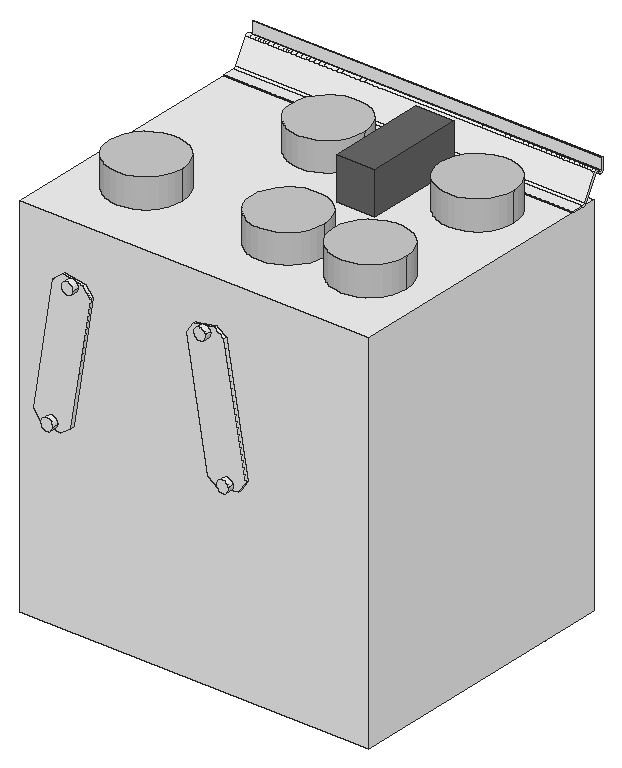
Revit family "BLAUBERG-KOMFORT_Roto_EC_S280_SE280", category Mechanical Equipment, Revit 2019
Family settings
  Round Connector Dimension = Use Diameter
  Classification = None
  Part Type = Normal
  OmniClass Number = 23.75.35.14
  OmniClass Title = Air Handling Units
  Work Plane-Based = No
  Always vertical = Yes
  Cut with Voids When Loaded = No
  Shared = No
  Room Calculation Point = No
Parameters (values of type "KOMFORT Roto EC S280 S21")
  dLFeets = 45 mm
  dBFeets = 68 mm
  Weight = 63.00 kg
  Standard Service Side [instance] = yes
  ServiceDoorB = 20 mm  # constant formula
  Service Side 2 [instance] = Standard Service Side  # yes
  Service Side 1 [instance] = not(Standard Service Side)  # no
  Maintenance Zone Side 2 [instance] = if(Maintenance Zone, (if(not(Standard Service Side), 1 = 1, 1 = 0)), 1 = 0)  # no
  Maintenance Zone Side 1 [instance] = if(Maintenance Zone, (if(Standard Service Side, 1 = 1, 1 = 0)), 1 = 0)  # no
  Heater power = 0 W
  Plastic Material = Polypropylene Black
  Maximum Unit Power Without Electric Heater = 195 W
  Maximum Unit Current Without Electric Heater = 1.9 A
  Maximum Unit Current With Electric Heater = 1.9 A
  Leveling Feets Height Calc [instance] = if(Leveling Feets Height < 23 mm, 23 mm, Leveling Feets Height)  # 23 mm
  Leveling Feets Height [instance] = 23 mm
  L5 = 256 mm
  L4 = 107 mm
  L3 = 141 mm
  L2 = 243 mm
  L1 = 107 mm
  Heat Exchanger Material = "aluminium"
  HDuctCon = 50 mm  # constant formula
  H3 = 73 mm
  H2 = 97 mm
  H = 754 mm
  Front Maintenance Zone Width = H1  # 630 mm
  Front Maintenance Zone Length = L  # 598 mm
  FilterCoverL2 = 340 mm  # constant formula
  FilterCoverL1 = 76 mm  # constant formula
  FilterCoverH2 = 195 mm  # constant formula
  FilterCoverH1 = 205 mm  # constant formula
  ElConB = 135 mm
  ElConA = 365 mm
  ElBoxB = 170 mm
  ElBoxA = 65 mm
  BackFeetD = 20 mm  # constant formula
  B3 = 136 mm
  B2 = 230 mm
  Air Flow Kitchen Hood [instance] = 0 m³/h
  Air Flow Factor [instance] = 1  # constant formula
  B1 = 482 mm
  Air Flow Exhaust Total [instance] = Air Flow Exhaust + Air Flow Kitchen Hood  # 0 m³/h
  Air Flow Exhaust [instance] = 0 m³/h
  L = 598 mm
  Voltage = 230 V
  URL = "https://blaubergventilatoren.de/en/product/komfort-roto-ec-s280-s21"
  Type Comments = "Air Handling Unit KOMFORT Roto EC S280 S21"
  Transported Air Temperature (°C) = "-25…+40"
  Supply Air Filter = "F7"
  Sound Pressure Level at 3 m (dBA) = 26
  SEC Class = "A"
  RPM (min-1) = 2050
  Power Factor = 1
  Power = Maximum Unit Power Without Electric Heater + Heater power  # 195 W
  Number of Poles = 1
  Model = "KOMFORT Roto EC S280 S21"
  Maximum Air Flow = 300 m³/h
  Manufacturer = "Blauberg"
  Maintenance Zone Material = Maintenance Zone
  Front Maintenance Zone Height = 600 mm
  Maintenance Zone [instance] = no
  Load Classification = HVAC
  B = 520 mm
  Heat recovery efficiency (%) = "81..90"
  Heat Exchanger Type = "rotary"
  H1 = 630 mm
  Metal Material = Metal Zinc
  Family Version = "1.0"  # constant formula
  Extract Air Filter = "G4"
  Duct Connection Diameter = 125 mm
  Description = "Air Handling Unit"
  D = Duct Connection Diameter  # 125 mm
  Current = Maximum Unit Current With Electric Heater  # 1.9 A
  Copyright = "©Blauberg"
  Casing Material = Painted Steel White
  Apparent Power [instance] = Power / Power Factor  # 195 VA
  Air Flow Supply [instance] = 0 m³/h
Types (2, lengths in mm): name | Weight | Heater power | Maximum Unit Current With Electric Heater | URL | Type Comments | Power | Model | Current | Apparent Power
  KOMFORT Roto EC S280 S21 | 63.00 kg | 0 W | 1.9 A | "https://blaubergventilatoren.de/en/product/komfort-roto-ec-s280-s21" | "Air Handling Unit KOMFORT Roto EC S280 S21" | 195 W | "KOMFORT Roto EC S280 S21" | 1.9 A | 195 VA
  KOMFORT Roto EC SE280 S21 | 64.00 kg | 650 W | 4.7 A | "https://blaubergventilatoren.de/en/product/komfort-roto-ec-se280-s21" | "Air Handling Unit KOMFORT Roto EC SE280 S21" | 845 W | "KOMFORT Roto EC SE280 S21" | 4.7 A | 845 VA
Reference planes
  plane 1 "Center (Front/Back)": y = 0
  plane 2: z = 0
  plane 3 "Center (Left/Right)": x = 0
  plane 4 "Right": x = 299
  plane 5 "Front": y = -241
  plane 6 "Left": x = -299
  plane 7 "Top": z = 653
  plane 8 "Back": y = 241
  plane 9 "DuctConL1": x = -192
  plane 10 "DuctConL2": x = 51
  plane 11 "DuctConB1": y = 125
  plane 12 "DuctConB2": y = -105
  plane 13 "DuctConB3": z = 703
  plane 14 "DuctConB4": z = 726
  plane 15 "Bottom": z = 23
  plane 16 "FeetsL1": x = -254
  plane 17 "FeetsL2": x = 254
  plane 18 "FeetsB1": y = 173
  plane 19 "FeetsB2": y = -173
  plane 20: y = 0
  plane 21 "ElConA": x = 66
  plane 22 "FilterCoverH1": z = 448
  plane 23 "DuctConL3": x = 192
  plane 24 "DuctConL5": x = -64
  plane 25: x = 33.5
  plane 26: x = 98.5
  plane 27: y = 191
  plane 28: y = 21
  plane 29 "ElConB": y = 106
  plane 30 "FilterCoverL1": x = -223
  plane 31 "FilterCoverL2": x = 41
  plane 32 "FilterCoverH2": z = 458
  plane 33 "ServiceDoorBack": y = 221
  plane 34 "ServiceDoorFront": y = -221
Forms (mm)
  Extrusion 1, solid, material "Painted Steel White" <- "Casing Material", detail levels medium+fine
    sketch origin (0, 377, 23) x (-1, 0, 0) y (0, -1, 0)
      loop
        line (299, 136) -> (299, 618) -> (-299, 618) -> (-299, 136) -> (299, 136)
    from 0 to 630
  Extrusion 2, solid, material "Metal Zinc" <- "Metal Material", detail levels medium+fine
    sketch origin (0, 0, 653) x (-1, 0, 0) y (0, -1, 0)
      loop
        circle (192, 105) r 62.5
      loop
        circle (-51, 105) r 62.5
      loop
        circle (-192, 105) r 62.5
      loop
        circle (-192, -125) r 62.5
      loop
        circle (64, -125) r 62.5
    from 0 to 50
  Extrusion 3, solid, material "Polypropylene Black" <- "Plastic Material", detail levels medium+fine
    sketch origin (0, 0, 653) x (-1, 0, 0) y (0, -1, 0)
      loop
        line (-33.5, -191) -> (-33.5, -21) -> (-98.5, -21) -> (-98.5, -191) -> (-33.5, -191)
    from 0 to 73
Lines and regions (mm)
  model lines, detail levels coarse
    curve 1: line (-299, -241, 653) -> (-299, 241, 653)
    curve 2: line (299, -241, 653) -> (-299, -241, 653)
    curve 3: line (299, 241, 653) -> (299, -241, 653)
    curve 4: line (-299, -241, 23) -> (-299, 241, 23)
    curve 5: line (299, -241, 23) -> (-299, -241, 23)
    curve 6: line (299, 241, 23) -> (299, -241, 23)
    curve 7: line (-299, -241, 653) -> (299, -241, 653)
    curve 8: line (-299, -241, 23) -> (-299, -241, 653)
    curve 9: line (299, -241, 23) -> (-299, -241, 23)
    curve 10: line (299, -241, 653) -> (299, -241, 23)
    curve 11: line (-299, -241, 653) -> (-299, -241, 23)
    curve 12: line (299, -241, 653) -> (299, -241, 23)
    curve 13: line (-192, -105, 703) -> (-192, -105, 653)
    curve 14: line (51, -105, 703) -> (51, -105, 653)
    curve 15: line (-299, 241, 23) -> (299, 241, 23)
    curve 16: line (-299, 241, 653) -> (299, 241, 653)
    curve 17: line (-299, 241, 653) -> (-299, 241, 23)
    curve 18: line (299, 241, 653) -> (299, 241, 23)
    curve 19: line (-64, 125, 703) -> (-64, 125, 653)
    curve 20: line (192, 125, 703) -> (192, 125, 653)
    curve 21: line (192, -105, 703) -> (192, -105, 653)
Dimensions and locks
  "B1": plane 8 "Back" to plane 5 "Front"
  equal spacing: plane 6 "Left", plane 3 "Center (Left/Right)", plane 4 "Right"
  "L": plane 6 "Left" to plane 4 "Right"
  "dBFeets": plane 8 "Back" to plane 18 "FeetsB1"
  "dBFeets": plane 19 "FeetsB2" to plane 5 "Front"
  "dLFeets": plane 6 "Left" to plane 16 "FeetsL1"
  "dLFeets": plane 17 "FeetsL2" to plane 4 "Right"
  "Leveling Feets Height Calc": plane 15 "Bottom" to level
  equal spacing: plane 8 "Back", plane 20, plane 5 "Front"
  "HDuctCon": plane 13 "DuctConB3" to plane 7 "Top"
  "H1": plane 7 "Top" to plane 15 "Bottom"
  "ElConA": plane 6 "Left" to plane 21 "ElConA"
  "B3": plane 12 "DuctConB2" to plane 5 "Front"
  "B2": plane 11 "DuctConB1" to plane 12 "DuctConB2"
  "L1": plane 6 "Left" to plane 9 "DuctConL1"
  "L2": plane 9 "DuctConL1" to plane 10 "DuctConL2"
  "L3": plane 10 "DuctConL2" to plane 23 "DuctConL3"
  "L5": plane 24 "DuctConL5" to plane 23 "DuctConL3"
  equal spacing: plane 25, plane 21 "ElConA", plane 26
  "ElBoxA": plane 25 to plane 26
  "ElConB": plane 8 "Back" to plane 29 "ElConB"
  equal spacing: plane 27, plane 29 "ElConB", plane 28
  "ElBoxB": plane 27 to plane 28
  "H3": plane 14 "DuctConB4" to plane 7 "Top"
  "FilterCoverL1": plane 6 "Left" to plane 30 "FilterCoverL1"
  "FilterCoverL2": plane 6 "Left" to plane 31 "FilterCoverL2"
  "FilterCoverH1": plane 7 "Top" to plane 22 "FilterCoverH1"
  "FilterCoverH2": plane 7 "Top" to plane 32 "FilterCoverH2"
  "ServiceDoorB": plane 8 "Back" to plane 33 "ServiceDoorBack"
  "ServiceDoorB": plane 34 "ServiceDoorFront" to plane 5 "Front"
  "D": diameter of Extrusion 2 sketch curve  (x5)
  aligned and locked: level to plane 2
  aligned and locked: plane 16 "FeetsL1" to nested 1
  aligned and locked: nested 1 to plane 18 "FeetsB1"
  aligned and locked: plane 17 "FeetsL2" to nested 2
  aligned and locked: nested 2 to plane 18 "FeetsB1"
  aligned and locked: nested 3 to plane 19 "FeetsB2"
  aligned and locked: plane 17 "FeetsL2" to nested 3
  aligned and locked: plane 16 "FeetsL1" to nested 4
  aligned and locked: nested 4 to plane 19 "FeetsB2"
  aligned and locked: Extrusion 1 sketch curve to plane 8 "Back"
  aligned and locked: plane 6 "Left" to Extrusion 1 sketch curve
  aligned and locked: plane 5 "Front" to Extrusion 1 sketch curve
  aligned and locked: Extrusion 1 sketch curve to plane 4 "Right"
  aligned and locked: plane 7 "Top" to Extrusion 1
  aligned and locked: plane 3 "Center (Left/Right)" to nested 5
  aligned and locked: nested 5 to plane 7 "Top"
  aligned and locked: curve 2 to Extrusion 1
  aligned and locked: curve 4 to curve 1
  aligned and locked: curve 5 to curve 2
  aligned and locked: curve 6 to nested 5
  aligned and locked: curve 8 to Extrusion 1
  aligned and locked: curve 10 to Extrusion 1
  aligned and locked: curve 11 to plane 5 "Front"
  aligned and locked: curve 12 to plane 5 "Front"
  aligned and locked: curve 13 to plane 12 "DuctConB2"
  aligned and locked: plane 12 "DuctConB2" to curve 14
  aligned and locked: plane 13 "DuctConB3" to curve 14
  aligned and locked: plane 13 "DuctConB3" to curve 13
  aligned and locked: plane 7 "Top" to curve 13
  aligned and locked: plane 7 "Top" to curve 14
  aligned and locked: plane 8 "Back" to curve 3
  aligned and locked: plane 8 "Back" to curve 6
  aligned and locked: plane 6 "Left" to curve 15
  aligned and locked: curve 15 to plane 8 "Back"
  aligned and locked: plane 4 "Right" to curve 16
  aligned and locked: plane 6 "Left" to curve 16
  aligned and locked: curve 16 to plane 8 "Back"
  aligned and locked: plane 20 to plane 1 "Center (Front/Back)"
  aligned and locked: plane 13 "DuctConB3" to Extrusion 2
  aligned and locked: Extrusion 3 sketch curve to plane 27
  aligned and locked: plane 25 to Extrusion 3 sketch curve
  aligned and locked: plane 28 to Extrusion 3 sketch curve
  aligned and locked: Extrusion 3 sketch curve to plane 26
  aligned and locked: plane 14 "DuctConB4" to Extrusion 3
  aligned and locked: plane 3 "Center (Left/Right)" to nested 6
  aligned and locked: nested 6 to plane 7 "Top"
  aligned and locked: plane 30 "FilterCoverL1" to nested 7
  aligned and locked: nested 7 to plane 22 "FilterCoverH1"
  aligned and locked: plane 30 "FilterCoverL1" to nested 8
  aligned and locked: plane 22 "FilterCoverH1" to nested 8
  aligned and locked: plane 32 "FilterCoverH2" to nested 9
  aligned and locked: plane 31 "FilterCoverL2" to nested 9
  aligned and locked: nested 10 to plane 32 "FilterCoverH2"
  aligned and locked: plane 31 "FilterCoverL2" to nested 10
  aligned and locked: nested 11 to plane 3 "Center (Left/Right)"
  aligned and locked: plane 3 "Center (Left/Right)" to nested 12
  aligned and locked: nested 12 to plane 33 "ServiceDoorBack"
  aligned and locked: plane 34 "ServiceDoorFront" to nested 11
  aligned and locked: plane 7 "Top" to curve 17
  aligned and locked: plane 15 "Bottom" to curve 17
  aligned and locked: plane 7 "Top" to curve 18
  aligned and locked: plane 15 "Bottom" to curve 18
  aligned and locked: plane 8 "Back" to curve 17
  aligned and locked: plane 8 "Back" to curve 18
  aligned and locked: plane 13 "DuctConB3" to curve 19
  aligned and locked: plane 13 "DuctConB3" to curve 20
  aligned and locked: plane 7 "Top" to curve 20
  aligned and locked: plane 7 "Top" to curve 19
  aligned and locked: curve 19 to plane 24 "DuctConL5"
  aligned and locked: curve 20 to plane 23 "DuctConL3"
  aligned and locked: plane 13 "DuctConB3" to curve 21
  aligned and locked: plane 7 "Top" to curve 21
  aligned and locked: curve 21 to plane 23 "DuctConL3"
Automatic sketch dimensions
  curve 11 to plane 15 "Bottom" = 0 mm
  curve 11 to plane 7 "Top" = 0 mm
  curve 12 to plane 15 "Bottom" = 0 mm
  curve 12 to plane 7 "Top" = 0 mm
  curve 10 to plane 15 "Bottom" = 0 mm
  curve 7 to plane 7 "Top" = 0 mm
  Extrusion 2 sketch curve to plane 12 "DuctConB2" = 0 mm  (x3)
  Extrusion 2 sketch curve to plane 23 "DuctConL3" = 0 mm  (x2)
  Extrusion 2 sketch curve to plane 11 "DuctConB1" = 0 mm  (x2)
  Extrusion 2 sketch curve to plane 10 "DuctConL2" = 0 mm
  Extrusion 2 sketch curve to plane 24 "DuctConL5" = 0 mm
  Extrusion 2 sketch curve to plane 9 "DuctConL1" = 0 mm
Nested families
  nested 1: "LevellingFeet" at (-254, 173, 0), type "LevellingFeet", detail levels medium+fine
  nested 2: "LevellingFeet" at (254, 173, 0), type "LevellingFeet", detail levels medium+fine
  nested 3: "LevellingFeet" at (254, -173, 0), type "LevellingFeet", detail levels medium+fine
  nested 4: "LevellingFeet" at (-254, -173, 0), type "LevellingFeet", detail levels medium+fine
  nested 5: "MaintenanceZone_Rect" at (0, -241, 338) x (1, 0, 0) z (0, 1, 0), visible <- "Maintenance Zone Side 1", type "Front", detail levels medium+fine
    with Maintenance Zone Width 630 mm, Maintenance Zone Length 598 mm, Maintenance Zone Height 600 mm
  nested 6: "MaintenanceZone_Rect" at (0, 241, 338) x (1, 0, 0) z (0, -1, 0), visible <- "Maintenance Zone Side 2", type "Front", detail levels medium+fine
    with Maintenance Zone Width 630 mm, Maintenance Zone Length 598 mm, Maintenance Zone Height 600 mm
  nested 7: "FilterCover-Rotated" at (-223, -241, 448) x (1, 0, 0) z (0, -1, 0), type "front1", detail levels medium+fine
    with AngleCalc 81.00°, Angle -9.00°
  nested 8: "FilterCover-Rotated" at (-223, 241, 448) x (1, 0, 0) z (0, 1, 0), type "back1", detail levels medium+fine
    with AngleCalc 99.00°, Angle 9.00°
  nested 9: "FilterCover-Rotated" at (41, 241, 458) x (1, 0, 0) z (0, 1, 0), type "back2", detail levels medium+fine
    with AngleCalc 80.00°, Angle -10.00°
  nested 10: "FilterCover-Rotated" at (41, -241, 458) x (1, 0, 0) z (0, -1, 0), type "front2", detail levels medium+fine
    with AngleCalc 100.00°, Angle 10.00°
  nested 11: "MountingPlate" at (0, -221, 653) x (-1, 0, 0) z (0, 0, 1), visible <- "Service Side 1", type "MountingPlate", detail levels medium+fine
    with Lenght 598 mm
  nested 12: "MountingPlate" at (0, 221, 653), visible <- "Service Side 2", type "MountingPlate", detail levels medium+fine
    with Lenght 598 mm
Connectors
  hvac at (-192, -105, 703), driven by "Duct Connection Diameter", driven by "Air Flow Supply"
    settings: on Extrusion 2, index 1, duct flow 0 m³/h, flow factor 0, pres drop 0.0 Pa, loss coef 0, conn angle 0.00°, conn width 304.8 mm, conn height 304.8 mm, conn diameter 125 mm, duct sys type 1, conn prof type 0, flow config 1, flow direction 1, loss method 0, conn ref index -1, conn util no, is conn primary yes, conn desc "Intake Air"
  hvac at (-64, 125, 703), driven by "Duct Connection Diameter", driven by "Air Flow Supply"
    settings: on Extrusion 2, index 2, duct flow 0 m³/h, flow factor 0, pres drop 0.0 Pa, loss coef 0, conn angle 0.00°, conn width 304.8 mm, conn height 304.8 mm, conn diameter 125 mm, duct sys type 1, conn prof type 0, flow config 0, flow direction 2, loss method 0, conn ref index -1, conn util no, is conn primary no, conn desc "Supply Air"
  hvac at (192, 125, 703), driven by "Duct Connection Diameter", driven by "Air Flow Exhaust Total"
    settings: on Extrusion 2, index 3, duct flow 0 m³/h, flow factor 0, pres drop 0.0 Pa, loss coef 0, conn angle 0.00°, conn width 304.8 mm, conn height 304.8 mm, conn diameter 125 mm, duct sys type 3, conn prof type 0, flow config 1, flow direction 0, loss method 0, conn ref index -1, conn util no, is conn primary no, conn desc "Exhaust Air"
  hvac at (192, -105, 703), driven by "Duct Connection Diameter", driven by "Air Flow Kitchen Hood"
    settings: on Extrusion 2, index 4, duct flow 0 m³/h, flow factor 0, pres drop 0.0 Pa, loss coef 0, conn angle 0.00°, conn width 304.8 mm, conn height 304.8 mm, conn diameter 125 mm, duct sys type 3, conn prof type 0, flow config 0, flow direction 1, loss method 0, conn ref index -1, conn util no, is conn primary no, conn desc "Kitchen Hood Air (optional)"
  hvac at (51, -105, 703), driven by "Duct Connection Diameter", driven by "Air Flow Exhaust"
    settings: on Extrusion 2, index 5, duct flow 0 m³/h, flow factor 0, pres drop 0.0 Pa, loss coef 0, conn angle 0.00°, conn width 304.8 mm, conn height 304.8 mm, conn diameter 125 mm, duct sys type 3, conn prof type 0, flow config 0, flow direction 1, loss method 0, conn ref index -1, conn util no, is conn primary no, conn desc "Extract Air"
  electrical at (66, 106, 726), driven by "Number of Poles", driven by "Load Classification", driven by "Voltage", driven by "Apparent Power", driven by "Power Factor"
    settings: on Extrusion 3, index 6, voltage 230 V, apparent load 195 VA, apparent load phase1 0 VA, apparent load phase2 0 VA, apparent load phase3 0 VA, power factor 1, load classification "HVAC", number of poles 1, system type 30, power factor state 1, is connector primary yes, connector utility no, sub classification motor no, connector description ""
Definition of nested family "LevellingFeet"
  Parameters (values of type "LevellingFeet")
    r2 = d2 / 2  # 9 mm
    r1 = d1 / 2  # 12 mm
    h2 = 15 mm
    h1 = 6 mm
    d3 = 8 mm
    d2 = 18 mm
    d1 = 24 mm
    R = D / 2  # 20.5 mm
    Material = none
    H = 23 mm
    Default Elevation = 1219.2 mm
    D = 41 mm
  Reference planes
    plane 1 "Center (Front/Back)": y = 0
    plane 2: z = 0
    plane 3 "Center (Left/Right)": x = 0
    plane 4: z = 6
    plane 5: x = -9
    plane 6: x = -20.5
    plane 7: x = -12
    plane 8: z = 21
    plane 9: z = 23
  Forms (mm)
    Revolve 1, solid, material <- "Material"
      sketch origin (0, 0, 0) x (1, 0, 0) y (0, 0, 1)
        loop
          line (0, 21) -> (-9, 21) -> (-11.354, 9.228)
          arc (-11.354, 9.228) -> (-12.746, 6.91) -> (-15.292, 6) r 4.016
          line (-15.292, 6) -> (-18.541, 6)
          arc (-18.541, 6) -> (-19.926, 5.426) -> (-20.5, 4.041) r 1.959
          line (-20.5, 4.041) -> (-20.5, 0) -> (0, 0) -> (0, 21)
        axis (0, 21) -> (0, 0)
      angle from 0 to 360
    Extrusion 2, solid, material <- "Material"
      sketch origin (0, 0, 0) x (1, 0, 0) y (0, 1, 0)
        loop
          circle (0, 0) r 4
      from 23 to 6
  Cuts and joins
    joined: Revolve 1, Extrusion 2
  Dimensions and locks
    "r2": plane 3 "Center (Left/Right)" to plane 5
    "R": plane 3 "Center (Left/Right)" to plane 6
    "r1": plane 3 "Center (Left/Right)" to plane 7
    "h2": plane 8 to plane 4
    "h1": plane 4 to level
    "H": plane 9 to level
    "d3": diameter of Extrusion 2 sketch curve
    aligned and locked: level to plane 2
    aligned and locked: Revolve 1 sketch curve to plane 3 "Center (Left/Right)"
    aligned and locked: plane 8 to Revolve 1 sketch curve
    aligned and locked: Extrusion 2 to plane 4
    aligned and locked: plane 9 to Extrusion 2
    aligned and locked: cut or joined group of Revolve 1, Extrusion 2 to level
  Automatic sketch dimensions
    Revolve 1 sketch curve to level = 0 mm
    Revolve 1 sketch curve to plane 6 = 0 mm
    Revolve 1 sketch curve to plane 4 = 0 mm
    Revolve 1 sketch curve to plane 5 = 0 mm
    Revolve 1 sketch curve to plane 3 "Center (Left/Right)" = 0 mm
    plane 6 to Revolve 1 sketch curve = 1.959 mm
    Revolve 1 sketch curve to plane 7 = 3.292 mm
    plane 7 to Revolve 1 sketch curve = 0.646 mm
    plane 4 to Revolve 1 sketch curve = 3.228 mm
    Revolve 1 sketch curve to level = 336.045 mm
    plane 9 to Revolve 1 sketch curve = 2172.315 mm
    plane 1 "Center (Front/Back)" to Extrusion 2 sketch curve = 0 mm
    Extrusion 2 sketch curve to plane 3 "Center (Left/Right)" = 0 mm
Definition of nested family "MaintenanceZone_Rect"
  Parameters (values of type "MaintenanceZone_Rect")
    Maintenance Zone Width = 500 mm
    Material = none
    Maintenance Zone Length = 1000 mm
    Maintenance Zone Height = 300 mm
    Family Version = ""
    Default Elevation = 1219.2 mm
    Copyright = ""
  Reference planes
    plane 1 "Center (Front/Back)": y = 0
    plane 2: z = 0
    plane 3 "Center (Left/Right)": x = 0
    plane 4: x = -500
    plane 5: x = 500
    plane 6: y = 250
    plane 7: y = -250
    plane 8: z = -300
  Forms (mm)
    Extrusion 1, solid, material <- "Material", detail levels medium+fine
      sketch origin (0, 0, 0) x (1, 0, 0) y (0, 1, 0)
        loop
          line (-500, 250) -> (-500, -250) -> (500, -250) -> (500, 250) -> (-500, 250)
      from 0 to -300
  Lines and regions (mm)
    symbolic lines, detail levels medium+fine
      curve 1: line (-500, 0, 0) -> (500, 0, 0)
      curve 2: line (-500, 0, -300) -> (-500, 0, 0)
      curve 3: line (500, 0, -300) -> (-500, 0, -300)
      curve 4: line (500, 0, 0) -> (500, 0, -300)
      curve 5: line (0, 250, 0) -> (0, -250, 0)
      curve 6: line (0, 250, -300) -> (0, 250, 0)
      curve 7: line (0, -250, -300) -> (0, 250, -300)
      curve 8: line (0, -250, 0) -> (0, -250, -300)
      curve 9: line (-500, 250, 0) -> (500, 250, 0)
      curve 10: line (-500, -250, 0) -> (-500, 250, 0)
      curve 11: line (500, -250, 0) -> (-500, -250, 0)
      curve 12: line (500, 250, 0) -> (500, -250, 0)
  Dimensions and locks
    equal spacing: plane 6, plane 1 "Center (Front/Back)", plane 7
    equal spacing: plane 4, plane 3 "Center (Left/Right)", plane 5
    "Maintenance Zone Width": plane 6 to plane 7
    "Maintenance Zone Length": plane 4 to plane 5
    "Maintenance Zone Height": plane 2 to plane 8
    aligned and locked: level to plane 2
    aligned and locked: Extrusion 1 sketch curve to plane 6
    aligned and locked: plane 4 to Extrusion 1 sketch curve
    aligned and locked: plane 7 to Extrusion 1 sketch curve
    aligned and locked: Extrusion 1 sketch curve to plane 5
    aligned and locked: Extrusion 1 to plane 8
    aligned and locked: curve 1 to Extrusion 1
    aligned and locked: curve 2 to Extrusion 1
    aligned and locked: curve 3 to Extrusion 1
    aligned and locked: curve 4 to Extrusion 1
    aligned and locked: curve 5 to Extrusion 1
    aligned and locked: curve 6 to Extrusion 1
    aligned and locked: curve 7 to Extrusion 1
    aligned and locked: curve 8 to Extrusion 1
    aligned and locked: curve 9 to Extrusion 1
    aligned and locked: curve 10 to Extrusion 1
    aligned and locked: curve 11 to Extrusion 1
    aligned and locked: curve 12 to Extrusion 1
Definition of nested family "FilterCover-Rotated"
  Parameters (values of type "FilterCover-Rotated")
    W1 = 14.8 mm
    Width = 65 mm
    Material = none
    Lenght = 242 mm
    L2 = 9 mm
    H1 = 10 mm
    Height = 5.5 mm
    Default Elevation = 1219.2 mm
    AngleCalc = 90.00° + Angle  # 90.00°
    Angle = 0.00°
  Reference planes
    plane 1 "Center (Front/Back)": y = 0
    plane 2: z = 0
    plane 3 "Center (Left/Right)": x = 0
  Lines and regions (mm)
    reference lines
      curve 1: line (0, 0, 0) -> (500, 0, 0)
  Dimensions and locks
    "AngleCalc": angle plane 3 "Center (Left/Right)" to curve 1
    aligned and locked: level to plane 2
    aligned and locked: plane 1 "Center (Front/Back)" to curve 1
    aligned and locked: plane 3 "Center (Left/Right)" to curve 1
    aligned and locked: nested 1 to curve 1
  Nested families
    nested 1: "FilterCover" at (0, 0, 0) x (-1, 0, 0) z (0, 0, 1), type "FilterCover"
  Definition of nested family "FilterCover"
    Parameters (values of type "FilterCover")
      W1 = 14.8 mm
      Width = 65 mm
      Material = none
      Lenght = 242 mm
      L2 = 9 mm
      H1 = 10 mm
      Height = 5.5 mm
      Default Elevation = 1219.2 mm
      AngleCalc = 90.00° + Angle  # 90.00°
      Angle = 0.00°
    Reference planes
      plane 1 "Center (Front/Back)": y = 0
      plane 2: z = 0
      plane 3 "Center (Left/Right)": x = 0
      plane 4: x = -32.5
      plane 5: x = 32.5
      plane 6: y = -121
      plane 7: y = 121
      plane 8: x = -17.7
      plane 9: x = 17.7
      plane 10: y = 106.2
      plane 11: y = -106.2
      plane 12: y = 112
      plane 13: y = -112
      plane 14: z = 5.5
      plane 15: z = 15.5
    Forms (mm)
      Extrusion 1, solid, material <- "Material"
        sketch origin (0, 0, 0) x (1, 0, 0) y (0, 1, 0)
          loop
            line (-17.7, 121) -> (-32.5, 106.2) -> (-32.5, -106.2) -> (-17.7, -121) -> (17.7, -121) -> (32.5, -106.2) -> (32.5, 106.2) -> (17.7, 121) -> (-17.7, 121)
        from 0 to 5.5
      Extrusion 2, solid, material <- "Material"
        sketch origin (0, 0, 0) x (1, 0, 0) y (0, 1, 0)
          loop
            circle (0, 112) r 10
          loop
            circle (0, -112) r 10
        from 5.5 to 15.5
    Dimensions and locks
      equal spacing: plane 4, plane 3 "Center (Left/Right)", plane 5
      "Width": plane 4 to plane 5
      equal spacing: plane 6, plane 1 "Center (Front/Back)", plane 7
      "Lenght": plane 6 to plane 7
      "W1": plane 10 to plane 7
      "W1": plane 9 to plane 5
      "W1": plane 4 to plane 8
      "W1": plane 11 to plane 6
      "Height": plane 14 to level
      "H1": plane 15 to plane 14
      "L2": plane 12 to plane 7
      "L2": plane 6 to plane 13
      diameter of Extrusion 2 sketch curve = 20 mm  (x2)
      aligned and locked: level to plane 2
      aligned and locked: plane 14 to Extrusion 1
      aligned and locked: plane 15 to Extrusion 2
      aligned and locked: Extrusion 2 to plane 14
    Automatic sketch dimensions
      Extrusion 1 sketch curve to plane 4 = 0 mm
      plane 7 to Extrusion 1 sketch curve = 0 mm
      Extrusion 1 sketch curve to plane 8 = 0 mm  (x2)
      plane 6 to Extrusion 1 sketch curve = 0 mm
      Extrusion 1 sketch curve to plane 9 = 0 mm  (x2)
      Extrusion 1 sketch curve to plane 5 = 0 mm
      Extrusion 1 sketch curve to plane 11 = 0 mm  (x2)
      Extrusion 1 sketch curve to plane 10 = 0 mm  (x2)
      Extrusion 2 sketch curve to plane 3 "Center (Left/Right)" = 0 mm  (x2)
      Extrusion 2 sketch curve to plane 13 = 0 mm
      Extrusion 2 sketch curve to plane 12 = 0 mm
Definition of nested family "MountingPlate"
  Parameters (values of type "MountingPlate")
    Width3 = 13 mm
    Width2 = 38 mm
    Width1 = 25 mm
    Width = 75 mm
    Material = none
    Lenght = 500 mm
    Height2 = 30 mm
    Height1 = 43 mm
    Height = 58 mm
    Default Elevation = 1219.2 mm
  Reference planes
    plane 1 "Center (Front/Back)": y = 0
    plane 2: z = 0
    plane 3 "Center (Left/Right)": x = 0
    plane 4: x = -250
    plane 5: x = 250
    plane 6: y = -25
    plane 7: y = 38
    plane 8: z = 58
    plane 9: z = 43
    plane 10: y = 25
    plane 11: z = 30
  Forms (mm)
    Extrusion 1, solid, material <- "Material"
      sketch origin (0, 0, 0) x (0, 1, 0) y (0, 0, 1)
        loop
          line (-25, 0) -> (-3.623, 0)
          arc (-3.623, 0) -> (-0.515, 0.86) -> (1.709, 3.195) r 6.046
          line (1.709, 3.195) -> (23.798, 40.753)
          arc (23.798, 40.753) -> (25.223, 41.795) -> (26.925, 41.331) r 2.035
          line (26.925, 41.331) -> (31.382, 35.736)
          arc (31.382, 35.736) -> (35.662, 35.12) -> (38, 38.758) r 3.999
          line (38, 38.758) -> (38, 58) -> (36, 58) -> (36, 38.825)
          arc (36, 38.825) -> (34.813, 36.979) -> (32.641, 37.291) r 2.03
          line (32.641, 37.291) -> (28.167, 42.902)
          arc (28.167, 42.902) -> (24.851, 43.804) -> (22.078, 41.777) r 3.962
          line (22.078, 41.777) -> (-0.068, 4.113)
          arc (-0.068, 4.113) -> (-1.539, 2.569) -> (-3.595, 2) r 4
          line (-3.595, 2) -> (-25, 2) -> (-25, 0)
      from -250 to 250
  Dimensions and locks
    equal spacing: plane 4, plane 3 "Center (Left/Right)", plane 5
    "Lenght": plane 4 to plane 5
    "Width1": plane 1 "Center (Front/Back)" to plane 6
    "Width2": plane 7 to plane 1 "Center (Front/Back)"
    "Height": plane 8 to level
    "Height1": plane 9 to level
    "Height2": plane 11 to level
    "Width3": plane 7 to plane 10
    plane 7 to plane 6 = 63 mm
    aligned and locked: level to plane 2
    aligned and locked: Extrusion 1 to plane 4
    aligned and locked: plane 5 to Extrusion 1
  Automatic sketch dimensions
    Extrusion 1 sketch curve to level = 0 mm
    Extrusion 1 sketch curve to plane 6 = 0 mm
    Extrusion 1 sketch curve to plane 8 = 0 mm
    Extrusion 1 sketch curve to plane 7 = 0 mm
    plane 1 "Center (Front/Back)" to Extrusion 1 sketch curve = 3.623 mm
    Extrusion 1 sketch curve to Extrusion 1 sketch curve = 0.028 mm
    plane 1 "Center (Front/Back)" to Extrusion 1 sketch curve = 0.068 mm
    Extrusion 1 sketch curve to plane 1 "Center (Front/Back)" = 1.709 mm
    Extrusion 1 sketch curve to plane 9 = 1.223 mm
    plane 10 to Extrusion 1 sketch curve = 2.922 mm
    plane 10 to Extrusion 1 sketch curve = 1.202 mm
    Extrusion 1 sketch curve to plane 10 = 0.572 mm
    Extrusion 1 sketch curve to Extrusion 1 sketch curve = 0.021 mm
    Extrusion 1 sketch curve to plane 10 = 1.925 mm
    Extrusion 1 sketch curve to plane 9 = 0.098 mm
    Extrusion 1 sketch curve to Extrusion 1 sketch curve = 1.241 mm
    plane 7 to Extrusion 1 sketch curve = 6.618 mm
    Extrusion 1 sketch curve to Extrusion 1 sketch curve = 1.259 mm
    Extrusion 1 sketch curve to Extrusion 1 sketch curve = 1.329 mm
    Extrusion 1 sketch curve to Extrusion 1 sketch curve = 0.03 mm
    plane 7 to Extrusion 1 sketch curve = 2 mm
    level to Extrusion 1 sketch curve = 2 mm
    level to Extrusion 1 sketch curve = 3.195 mm
    Extrusion 1 sketch curve to Extrusion 1 sketch curve = 0.919 mm
    plane 11 to Extrusion 1 sketch curve = 5.736 mm
    Extrusion 1 sketch curve to Extrusion 1 sketch curve = 1.467 mm
    Extrusion 1 sketch curve to Extrusion 1 sketch curve = 0.114 mm
    Extrusion 1 sketch curve to Extrusion 1 sketch curve = 0.845 mm
